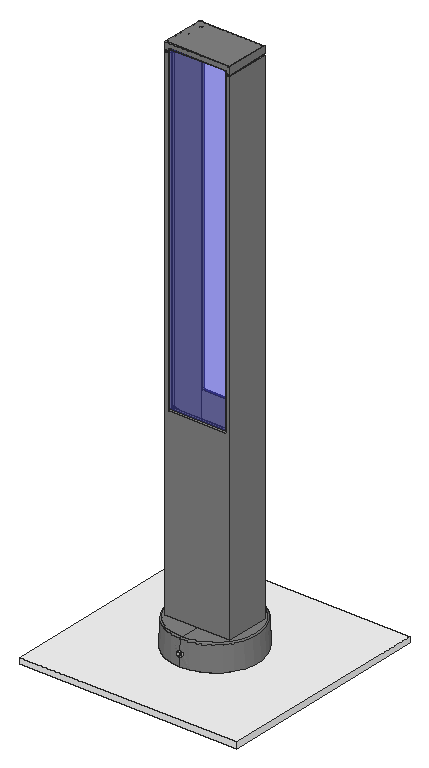
Revit family "BE_99330_de_DE", category Leuchten, Revit 2020
Family settings
  Basisbauteil = Fläche
  Bemaßung runder Anschluss = Durchmesser verwenden
  Teiletyp = Normal
  Beim Laden mit Abzugskörper schneiden = Ja
  Lichtquelle = Ja
  Gemeinsam genutzt = Nein
  Raumberechnungspunkt = Ja
Parameters (values of type "BEGA_99330_Grafit_K4")
  built-in parameter 1150104 = 12.089 (stored number, unit not read)
  Windangriffsfläche = ""
  Werkzeuglos = ""
  Wattage = 33.2 W
  Default Elevation = 0 mm
  built-in parameter 1150113 = 1 (stored number, unit not read)
  built-in parameter 1114218 = 1 (stored number, unit not read)
  Umgebungstemperatur = "25 °C"
  URL = "https://www.bega.com/de/produkt/99330"
  Typenkommentare = "© 2022 BEGA. Wir behalten uns das Recht vor, technische Änderungen ohne vorherige Ankündigung vorzunehmen."  # constant formula
  Type Image = 99330.png
  built-in parameter 1150134 = 12
  built-in parameter 1150109 = 1 (stored number, unit not read)
  Strom = ""
  built-in parameter 1150110 = 1 (stored number, unit not read)
  Spannung = 239.996 V
  Sonderanfertigung = no
  Seriennummer [instance] = "Hier können Sie die eindeutige Seriennummer für das Facility Management eintragen."
  Schutzklasse = "I"
  Schutzart = "IP 65"
  Scheinlast = 0 VA
  Produktdatenblatt = "https://cdn.bega.com/bega/products/99330K3/current/documents/data-sheets/de"
  Oberflächentemperatur = ""
  Neigungswinkel = 0.00°
  Modell = "99330K4"
  Material_17 = BEGA_Reflektor
  Material_15 = BEGA_Leuchtmedium_matt
  Material_11 = BEGA_Glas_opal
  Material_09 = BEGA_Glas_klar
  Material_06 = BEGA_Oberfläche_Edelstahl_gebürstet
  Material_02 = BEGA_Oberfläche_Silber_matt
  Material_01 [instance] = BEGA_Oberfläche_Grafit_matt
  M_W = no
  M_G = yes
  M_A = no
  Logo = 0
  built-in parameter 1114217 = 1 (stored number, unit not read)
  built-in parameter 1150139 = (empty or 0)
  built-in parameter 1150105 = 747.98 (stored number, unit not read)
  built-in parameter 1150114 = 1 (stored number, unit not read)
  Lumens = 4319.98 lm
  built-in parameter 1150115 = 1 (stored number, unit not read)
  Leuchtenlichtstrom = "1731 lm"
  Leuchtenanzahl = ""
  Lebensdauerkriterien = "L70B50 @ 25 °C = 160000 h"
  Lastklassifizierung = Beleuchtung
  built-in parameter 1150112 = 1 (stored number, unit not read)
  Lampenlichtstrom = "4480 lm"
  Lampe = "LED 22.8 W"
  LED_Modulbezeichnung = "4x LED-0380/840"
  built-in parameter 1150142 = (empty or 0)
  Hersteller = "BEGA"  # constant formula
  Halbstreuwinkel = ""
  Gewicht = "8.0 kg"
  Gebrauchslageneinschränkung [instance] = ""
  Frequenz = "0/50-60 Hz"
  Farbwiedergabeindex = "CRI > 80"
  Farbtemperaturverschiebung bei Dämpfen der Lampe = <Keine Auswahl>
  Farbtemperatur = "4000 K"
  Color Filter = 16777215
  Erdstücklänge_E = ""
  Erdstück [instance] = no
  built-in parameter 1150133 = 10 (stored number, unit not read)
  Energieeffizienzklasse = "LED A++ - A"
  Einstecktiefe = ""
  built-in parameter 1150137 = (empty or 0)
  built-in parameter 1150132 = (empty or 0)
  Einbau_in_Wärmedämmung = ""
  ENEC = "ja"
  Datei für fotometrisches Netz = "BE_99330K4.IES"
  CE_Konformität = "ja"
  Bestellnummer_Erdstück [instance] = if(Erdstück, "70895", "---")  # "---"
  Bestellnummer = "99330K4"
  Beschreibung_Sonderanfertigung = "Hier können Sie Informationen zur Sonderanfertigung eintragen."
  Beschreibung = "Gartenleuchte"
  built-in parameter 1150106 = 7.4798 (stored number, unit not read)
  Belastbarkeit [instance] = ""
  Befestigungsbohrung = ""
  Befestigungsabstand = ""
  Ballwurfsicher = ""
  BEGA_Intern_aus = yes
  BEGA_Intern_an = yes
  BEGA_Intern_Konstruktion = yes
  BEGA_Intern = yes
  BEGA_IES = yes
  BEGA_Dummy = no
  Anschlussleitung = ""
  Anschlussleistung [instance] = "27 W"
  built-in parameter 1150107 = 4000 (stored number, unit not read)
  built-in parameter 1150102 = (empty or 0)
  built-in parameter 1150138 = (empty or 0)
  Aktualisierung = "2022-05-20T04:00:08"
  AC/DC = "AC/DC"
Types (4, lengths in mm): name | built-in parameter 1150104 | built-in parameter 1150134 | Modell | M_G | M_A | built-in parameter 1150105 | Lumens | Leuchtenlichtstrom | Lampenlichtstrom | LED_Modulbezeichnung | Farbtemperatur | Datei für fotometrisches Netz | Bestellnummer | built-in parameter 1150106 | built-in parameter 1150107
  BEGA_99330_Grafit_K4 | 12.089 (stored number, unit not read) | 12 | "99330K4" | yes | no | 747.98 (stored number, unit not read) | 4319.98 lm | "1731 lm" | "4480 lm" | "4x LED-0380/840" | "4000 K" | "BE_99330K4.IES" | "99330K4" | 7.4798 (stored number, unit not read) | 4000 (stored number, unit not read)
  BEGA_99330_Grafit_K3 | 11.417 (stored number, unit not read) | (empty or 0) | "99330K3" | yes | no | 706.58 (stored number, unit not read) | 4079.95 lm | "1646 lm" | "4260 lm" | "4x LED-0380/830" | "3000 K" | "BE_99330K3.IES" | "99330K3" | 7.0658 (stored number, unit not read) | 3000 (stored number, unit not read)
  BEGA_99330_Silber_K3 | 11.417 (stored number, unit not read) | (empty or 0) | "99330AK3" | no | yes | 706.58 (stored number, unit not read) | 4079.95 lm | "1646 lm" | "4260 lm" | "4x LED-0380/830" | "3000 K" | "BE_99330K3.IES" | "99330AK3" | 7.0658 (stored number, unit not read) | 3000 (stored number, unit not read)
  BEGA_99330_Silber_K4 | 12.089 (stored number, unit not read) | 12 | "99330AK4" | no | yes | 747.98 (stored number, unit not read) | 4319.98 lm | "1731 lm" | "4480 lm" | "4x LED-0380/840" | "4000 K" | "BE_99330K4.IES" | "99330AK4" | 7.4798 (stored number, unit not read) | 4000 (stored number, unit not read)
Reference planes
  plane 1 "Mitte (Vorne/Hinten)": y = 0
  plane 2: z = 0
  plane 3 "Mitte (Links/Rechts)": x = 0
  plane 4 "Links": x = -81
  plane 5 "Rechts": x = 81
  plane 6 "Unten": y = -81
  plane 7 "Oben": y = 81
  plane 8 "Vorne": z = 1000.148
Forms (mm)
  Extrusion 1, solid, material "BEGA_Platte_Weiss"
    sketch origin (0, -1119.2, 0) x (1, 0, 0) y (0, 1, 0)
      loop
        line (-200, 1319.2) -> (-200, 919.2) -> (200, 919.2) -> (200, 1319.2) -> (-200, 1319.2)
    from 0 to -10
  Extrusion 2, solid, material "BEGA_Dummy_matt", visible <- "BEGA_Dummy"
    sketch origin (77.149, -76.023, 0) x (1, 0, 0) y (0, 1, 0)
      loop
        circle (-77.149, 76.023) r 81
    from 0 to 1000.148
Dimensions and locks
  plane 1 "Mitte (Vorne/Hinten)" to Extrusion 1 = 200 mm
  aligned and locked: plane 2 to Extrusion 1
  aligned and locked: level to Extrusion 1
Nested families
  nested 1: "BE_99330" at (0, 0, 0), type "BE_99330"
Connectors
  electrical at (0, 0, 0), driven by "Lastklassifizierung", driven by "Spannung", driven by "Scheinlast"
    settings: index 1, voltage 239.996 V, apparent load 0 VA, apparent load phase1 0 VA, apparent load phase2 0 VA, apparent load phase3 0 VA, power factor 1, load classification "Beleuchtung", number of poles 1, system type 31, power factor state 1, is connector primary yes, connector utility no, sub classification motor no, connector description ""
Definition of nested family "BE_99330"
  Parameters (values of type "BE_99330")
    Default Elevation = 1 mm
    URL = "http://www.bega.de/de/produkt"
    Type Comments = "© 2015 BEGA. Wir behalten uns das Recht vor, technische Änderungen ohne vorherige Ankündigung vorzunehmen. "  # constant formula
    Type Image = (empty or 0)
    Material_17 = none
    Material_15 = none
    Material_11 = none
    Material_09 = none
    Material_06 = none
    Material_03 = none
    Material_02 = none
    Material_01 = none
    M_W = yes
    M_G = yes
    M_A = yes
    Länge_Platte = 200 mm  # constant formula
    Höhe_Platte = -10 mm  # constant formula
    Manufacturer = "BEGA"  # constant formula
    Breite_Platte = 200 mm  # constant formula
  Reference planes
    plane 1 "Mitte (Oben/Unten)": y = 0
    plane 2: z = 0
    plane 3 "Mitte (Links/Rechts)": x = 0
    plane 4 "Hinten": z = 1000.148
    plane 5 "Links": x = -81
    plane 6 "Unten": y = -81
    plane 7: x = 81
    plane 8: y = 81
  Forms (mm)
    Extrusion 1, solid, detail levels medium
      sketch origin (0, 0, 0) x (1, 0, 0) y (0, 1, 0)
        loop
          line (-100, 100) -> (-100, -100) -> (100, -100) -> (100, 100) -> (-100, 100)
      from 0 to -10 <- "Höhe_Platte"
    Revolve 2, solid, material <- "Material_01", visible <- "M_G", detail levels medium+fine
      sketch origin (0, 0, 0) x (0, 1, 0) y (0, 0, 1)
        loop
          line (76, 0) -> (76, 5.5) -> (0, 5.5) -> (0, 0) -> (76, 0)
        axis (0, 0) -> (0, 5.5)
      angle from 0 to 360
    Revolve 3, solid, material <- "Material_01", visible <- "M_G", detail levels medium+fine
      sketch origin (0, 0, 0) x (0, 1, 0) y (0, 0, 1)
        loop
          arc (79.391, 48.215) -> (78.783, 49.585) -> (77.392, 50.148) r 2
          line (77.392, 50.148) -> (0, 50.148) -> (0, 42.148) -> (68.762, 42.148)
          arc (68.762, 42.148) -> (70.254, 41.646) -> (70.92, 40.221) r 2
          line (70.92, 40.221) -> (72.121, 5.835) -> (77.5, 5.648) -> (77.5, 2.148) -> (81, 2.148) -> (79.391, 48.215)
        axis (0, 50.148) -> (0, 2.148)
      angle from 0 to 360
    Sweep 4, solid, material <- "Material_01", visible <- "M_G", detail levels medium+fine
      path origin (0, 0, 0) x (1, 0, 0) y (0, 1, 0)
        loop
          line (60, 40) -> (-60, 40) -> (-60, -40) -> (60, -40) -> (60, 40)
      profile origin (0, 40, 0) x (0, -1, 0) y (0, 0, 1)
        loop
          line (0, 985.684) -> (2.449, 983.148) -> (6.9, 983.148) -> (7.532, 995.2)
          arc (7.532, 995.2) -> (7.842, 995.873) -> (8.53, 996.148) r 1
          line (8.53, 996.148) -> (17.785, 996.148) -> (17.785, 1000.148) -> (0.779, 1000.148)
          arc (0.779, 1000.148) -> (0.347, 1000.049) -> (0, 999.774) r 1
          line (0, 999.774) -> (0, 985.684)
    Extrusion 5, solid, material <- "Material_01", visible <- "M_G", detail levels medium+fine
      sketch origin (0, 0, 0) x (1, 0, 0) y (0, 1, 0)
        loop
          line (-42.215, 22.215) -> (-42.215, -22.215) -> (42.215, -22.215) -> (42.215, 22.215) -> (-42.215, 22.215)
      from 996.148 to 1000.148
    Sweep 6, solid, material <- "Material_01", visible <- "M_G", detail levels medium+fine
      path in 3D
        loop
          line (-60, 40, 999.774) -> (-60, -40, 999.774) -> (60, -40, 999.774) -> (60, 40, 999.774) -> (-60, 40, 999.774)
      profile origin (0, 40, 999.774) x (0, 0, 1) y (0, 1, 0)
        loop
          line (-949.627, 0) -> (-949.627, -6.8) -> (-16.627, -6.8) -> (-16.627, 0) -> (-949.627, 0)
    Sweep 7, void
      path origin (0, 0, 0) x (1, 0, 0) y (0, 0, 1)
        loop
          line (-53.711, 991.858) -> (-53.711, 389.437) -> (53.711, 389.437) -> (53.711, 991.858) -> (-53.711, 991.858)
      profile origin (0, 0, 991.858) x (0, 0, 1) y (0, -1, 0)
        loop
          line (0, 40) -> (-28.988, 40) -> (-28.988, 34.8) -> (-1.893, 34.8) -> (0, 40)
    Extrusion 8, solid, material <- "Material_11", detail levels medium+fine
      sketch origin (0, 0, 0) x (0, 1, 0) y (0, 0, 1)
        loop
          line (-39.8, 391.648) -> (-34.8, 391.648) -> (-34.8, 989.648) -> (-39.8, 989.648) -> (-39.8, 391.648)
      from -51.603 to 51.542
    Revolve 9, solid, material <- "Material_02", visible <- "M_A", detail levels medium+fine
      sketch origin (0, 0, 0) x (0, 1, 0) y (0, 0, 1)
        loop
          line (76, 0) -> (76, 5.5) -> (0, 5.5) -> (0, 0) -> (76, 0)
        axis (0, 0) -> (0, 5.5)
      angle from 0 to 360
    Revolve 10, solid, material <- "Material_02", visible <- "M_A", detail levels medium+fine
      sketch origin (0, 0, 0) x (0, 1, 0) y (0, 0, 1)
        loop
          arc (79.391, 48.215) -> (78.783, 49.585) -> (77.392, 50.148) r 2
          line (77.392, 50.148) -> (0, 50.148) -> (0, 42.148) -> (68.762, 42.148)
          arc (68.762, 42.148) -> (70.254, 41.646) -> (70.92, 40.221) r 2
          line (70.92, 40.221) -> (72.121, 5.835) -> (77.5, 5.648) -> (77.5, 2.148) -> (81, 2.148) -> (79.391, 48.215)
        axis (0, 50.148) -> (0, 2.148)
      angle from 0 to 360
    Sweep 11, solid, material <- "Material_02", visible <- "M_A", detail levels medium+fine
      path in 3D
        loop
          line (-60, 40, 999.774) -> (-60, -40, 999.774) -> (60, -40, 999.774) -> (60, 40, 999.774) -> (-60, 40, 999.774)
      profile origin (0, 40, 999.774) x (0, 0, 1) y (0, 1, 0)
        loop
          line (-949.627, 0) -> (-949.627, -6.8) -> (-16.627, -6.8) -> (-16.627, 0) -> (-949.627, 0)
    Sweep 12, solid, material <- "Material_02", visible <- "M_A", detail levels medium+fine
      path origin (0, 0, 0) x (1, 0, 0) y (0, 1, 0)
        loop
          line (60, 40) -> (-60, 40) -> (-60, -40) -> (60, -40) -> (60, 40)
      profile origin (0, 40, 0) x (0, -1, 0) y (0, 0, 1)
        loop
          line (0, 985.684) -> (2.449, 983.148) -> (6.9, 983.148) -> (7.532, 995.2)
          arc (7.532, 995.2) -> (7.842, 995.873) -> (8.53, 996.148) r 1
          line (8.53, 996.148) -> (17.785, 996.148) -> (17.785, 1000.148) -> (0.779, 1000.148)
          arc (0.779, 1000.148) -> (0.347, 1000.049) -> (0, 999.774) r 1
          line (0, 999.774) -> (0, 985.684)
    Extrusion 13, solid, material <- "Material_02", visible <- "M_A", detail levels medium+fine
      sketch origin (0, 0, 0) x (1, 0, 0) y (0, 1, 0)
        loop
          line (-42.215, 22.215) -> (-42.215, -22.215) -> (42.215, -22.215) -> (42.215, 22.215) -> (-42.215, 22.215)
      from 996.148 to 1000.148
    Revolve 14, void
      sketch origin (0, 0, 0) x (0, 1, 0) y (0, 0, 1)
        loop
          line (-80.443, 29.398) -> (-80.443, 24.148) -> (-71.081, 24.148) -> (-71.081, 29.398) -> (-80.443, 29.398)
        axis (-71.081, 24.148) -> (-80.443, 24.148)
      angle from 0 to 360
    Revolve 15, solid, material <- "Material_06", detail levels fine
      sketch origin (0, 0, 0) x (0, 1, 0) y (0, 0, 1)
        loop
          line (-71.912, 29.148) -> (-81.58, 29.148) -> (-82.5, 28.228) -> (-82.5, 24.148) -> (-71.912, 24.148) -> (-71.912, 29.148)
        axis (-71.912, 24.148) -> (-82.5, 24.148)
      angle from 0 to 360
    Extrusion 16, void
      sketch origin (0, 0, 0) x (1, 0, 0) y (0, 1, 0)
        loop
          arc (-10.618, -36.999) -> (-0.003, -38.492) -> (10.613, -37.001) r 38.5
          arc (10.613, -37.001) -> (13.012, -32.671) -> (8.683, -30.272) r 3.5
          arc (8.683, -30.272) -> (0, -31.492) -> (-8.682, -30.272) r 31.5
          arc (-8.682, -30.272) -> (-13.01, -32.669) -> (-10.618, -36.999) r 3.5
        loop
          arc (31.613, -32.728) -> (31.502, -39.083) -> (37.857, -39.194) r 4.495
          arc (37.857, -39.194) -> (47.194, -27.244) -> (52.876, -13.185) r 54.493
          arc (52.876, -13.185) -> (49.609, -7.728) -> (44.156, -11.001) r 4.495
          arc (44.156, -11.001) -> (39.411, -22.746) -> (31.613, -32.728) r 45.516
        loop
          arc (30.564, 7.629) -> (34.804, 5.079) -> (37.358, 9.317) r 3.5
          arc (37.358, 9.317) -> (33.341, 19.26) -> (26.738, 27.709) r 38.5
          arc (26.738, 27.709) -> (21.792, 27.613) -> (21.881, 22.667) r 3.5
          arc (21.881, 22.667) -> (27.279, 15.758) -> (30.564, 7.629) r 31.5
        loop
          arc (-21.882, 22.667) -> (-21.796, 27.616) -> (-26.745, 27.702) r 3.5
          arc (-26.745, 27.702) -> (-33.342, 19.257) -> (-37.357, 9.321) r 38.5
          arc (-37.357, 9.321) -> (-34.807, 5.079) -> (-30.565, 7.628) r 3.5
          arc (-30.565, 7.628) -> (-27.28, 15.757) -> (-21.882, 22.667) r 31.5
        loop
          arc (12.545, 43.753) -> (18.104, 46.834) -> (15.023, 52.394) r 4.495
          arc (15.023, 52.394) -> (-0.001, 54.506) -> (-15.024, 52.394) r 54.493
          arc (-15.024, 52.394) -> (-18.104, 46.835) -> (-12.544, 43.753) r 4.495
          arc (-12.544, 43.753) -> (-0.001, 45.516) -> (12.545, 43.753) r 45.516
        loop
          arc (-44.156, -11.002) -> (-49.605, -7.729) -> (-52.878, -13.177) r 4.495
          arc (-52.878, -13.177) -> (-47.198, -27.238) -> (-37.863, -39.189) r 54.493
          arc (-37.863, -39.189) -> (-31.504, -39.087) -> (-31.612, -32.728) r 4.495
          arc (-31.612, -32.728) -> (-39.411, -22.747) -> (-44.156, -11.002) r 45.516
        loop
          circle (0, 0.008) r 21.562
      from 0 to 14.688
    Sweep 17, void
      path origin (0, 0, 0) x (1, 0, 0) y (0, 0, -1)
        loop
          line (-53.711, -991.858) -> (53.711, -991.858) -> (53.711, -389.437) -> (-53.711, -389.437) -> (-53.711, -991.858)
      profile origin (0, 0, 991.858) x (0, 0, -1) y (0, 1, 0)
        loop
          line (0, 40) -> (1.893, 34.8) -> (28.988, 34.8) -> (28.988, 40) -> (0, 40)
    Extrusion 18, void
      sketch origin (0, 0, 0) x (1, 0, 0) y (0, 0, -1)
        loop
          line (45, -394.148) -> (-45, -394.148)
          arc (-45, -394.148) -> (-47.828, -395.319) -> (-49, -398.148) r 4
          line (-49, -398.148) -> (-49, -983.148)
          arc (-49, -983.148) -> (-47.828, -985.976) -> (-45, -987.148) r 4
          line (-45, -987.148) -> (45, -987.148)
          arc (45, -987.148) -> (47.828, -985.976) -> (49, -983.148) r 4
          line (49, -983.148) -> (49, -398.148)
          arc (49, -398.148) -> (47.828, -395.319) -> (45, -394.148) r 4
      from -43.155 to 40.526
    Extrusion 19, solid, material <- "Material_11", detail levels medium+fine
      sketch origin (0, 0, 0) x (0, -1, 0) y (0, 0, -1)
        loop
          line (-39.8, -391.648) -> (-39.8, -989.648) -> (-34.8, -989.648) -> (-34.8, -391.648) -> (-39.8, -391.648)
      from -51.603 to 51.542
  Cuts and joins
    Sweep 7, Sweep 17, Extrusion 18 cuts Sweep 4
    Sweep 7, Sweep 17, Extrusion 18 cuts Extrusion 5
    joined: Sweep 4, Extrusion 5
    Sweep 7, Extrusion 16, Sweep 17, Extrusion 18 cuts Sweep 6
    Sweep 7, Extrusion 16, Sweep 17, Extrusion 18 cuts Sweep 11
    Sweep 7, Sweep 17, Extrusion 18 cuts Sweep 12
    Sweep 17, Extrusion 18 cuts Extrusion 13
    joined: Sweep 12, Extrusion 13
    Revolve 14, Extrusion 16 cuts Revolve 3
    Revolve 14, Extrusion 16 cuts Revolve 10
    Extrusion 16 cuts Revolve 2
    Extrusion 16 cuts Revolve 9
    Sweep 17 cuts Extrusion 8
  Lines and regions (mm)
    sketch lines
      curve 1: line (60, 40, 999.774) -> (-60, 40, 999.774)
      curve 2: line (-60, 40, 999.774) -> (-60, -40, 999.774)
      curve 3: line (-60, -40, 999.774) -> (60, -40, 999.774)
      curve 4: line (60, -40, 999.774) -> (60, 40, 999.774)
      curve 5: line (60, 40, 999.774) -> (-60, 40, 999.774)
      curve 6: line (-60, 40, 999.774) -> (-60, -40, 999.774)
      curve 7: line (-60, -40, 999.774) -> (60, -40, 999.774)
      curve 8: line (60, -40, 999.774) -> (60, 40, 999.774)
  Dimensions and locks
    equal spacing: Extrusion 1 sketch curve, plane 3 "Mitte (Links/Rechts)", Extrusion 1 sketch curve
    equal spacing: Extrusion 1 sketch curve, plane 1 "Mitte (Oben/Unten)", Extrusion 1 sketch curve
    "Länge_Platte": Extrusion 1 sketch curve to Extrusion 1 sketch curve
    "Breite_Platte": Extrusion 1 sketch curve to Extrusion 1 sketch curve
    aligned and locked: Extrusion 1 to plane 2
    aligned and locked: level to Extrusion 1
  Automatic sketch dimensions
    Revolve 2 sketch curve to plane 1 "Mitte (Oben/Unten)" = 0 mm  (x2)
    Revolve 2 sketch curve to level = 0 mm
    plane 8 to Revolve 2 sketch curve = 5 mm
    Revolve 2 sketch curve to Revolve 2 sketch curve = 5.5 mm
    Revolve 2 sketch curve to level = 5.577 mm
    Revolve 2 sketch curve to Revolve 2 sketch curve = 10.745 mm
    Revolve 3 sketch curve to plane 1 "Mitte (Oben/Unten)" = 0 mm  (x2)
    Revolve 3 sketch curve to plane 8 = 0 mm
    plane 8 to Revolve 3 sketch curve = 12.238 mm
    Revolve 3 sketch curve to Revolve 3 sketch curve = 0.16 mm
    Revolve 3 sketch curve to Revolve 3 sketch curve = 1.999 mm
    plane 8 to Revolve 3 sketch curve = 8.879 mm
    plane 8 to Revolve 3 sketch curve = 3.608 mm
    plane 8 to Revolve 3 sketch curve = 3.5 mm
    plane 8 to Revolve 3 sketch curve = 1.609 mm
    level to Revolve 3 sketch curve = 2.148 mm
    Revolve 3 sketch curve to Revolve 3 sketch curve = 3.5 mm
    Revolve 3 sketch curve to Revolve 3 sketch curve = 0.188 mm
    Revolve 3 sketch curve to Revolve 3 sketch curve = 34.319 mm
    Revolve 3 sketch curve to Revolve 3 sketch curve = 0.067 mm  (x2)
    Revolve 3 sketch curve to Revolve 3 sketch curve = 7.927 mm
    Revolve 3 sketch curve to Revolve 3 sketch curve = 8 mm
    Revolve 3 sketch curve to Revolve 3 sketch curve = 0 mm  (x2)
    Revolve 3 sketch curve to level = 19.852 mm
    Revolve 3 sketch curve to Revolve 3 sketch curve = 25 mm
    plane 5 "Links" to Sweep 4 sketch curve = 21 mm
    plane 7 to Sweep 4 sketch curve = 21 mm
    plane 1 "Mitte (Oben/Unten)" to Sweep 4 sketch curve = 40 mm
    Sweep 4 sketch curve to plane 1 "Mitte (Oben/Unten)" = 40 mm
    Sweep 4 sketch curve to profile plane = 0 mm
    Sweep 4 sketch curve to profile plane = 0.779 mm
    Sweep 4 sketch curve to profile plane = 2.449 mm
    Sweep 4 sketch curve to Sweep 4 sketch curve = 4.451 mm
    Sweep 4 sketch curve to Sweep 4 sketch curve = 7.751 mm
    Sweep 4 sketch curve to Sweep 4 sketch curve = 9.254 mm
    level to Sweep 4 sketch curve = 983.148 mm
    Sweep 4 sketch curve to Sweep 4 sketch curve = 2.536 mm
    Sweep 4 sketch curve to Sweep 4 sketch curve = 12 mm
    Sweep 4 sketch curve to Sweep 4 sketch curve = 1 mm
    Sweep 4 sketch curve to Sweep 4 sketch curve = 3 mm
    Sweep 4 sketch curve to Sweep 4 sketch curve = 0.627 mm
    Sweep 4 sketch curve to Sweep 4 sketch curve = 0.999 mm
    Sweep 4 sketch curve to Sweep 4 sketch curve = 0 mm  (x2)
    plane 5 "Links" to Extrusion 5 sketch curve = 38.785 mm
    plane 7 to Extrusion 5 sketch curve = 38.785 mm
    plane 1 "Mitte (Oben/Unten)" to Extrusion 5 sketch curve = 22.215 mm
    Extrusion 5 sketch curve to plane 1 "Mitte (Oben/Unten)" = 22.215 mm
    Sweep 6 sketch curve to profile plane = 0 mm
    profile plane to Sweep 6 sketch curve = 949.627 mm
    Sweep 6 sketch curve to profile plane = 6.8 mm
    profile plane to Sweep 6 sketch curve = 16.627 mm
    Sweep 7 sketch curve to plane 4 "Hinten" = 8.289 mm
    plane 5 "Links" to Sweep 7 sketch curve = 27.289 mm
    plane 7 to Sweep 7 sketch curve = 27.289 mm
    level to Sweep 7 sketch curve = 389.437 mm
    profile plane to Sweep 7 sketch curve = 0 mm
    profile plane to Sweep 7 sketch curve = 1.893 mm
    Sweep 7 sketch curve to Sweep 7 sketch curve = 27.095 mm
    plane 1 "Mitte (Oben/Unten)" to Sweep 7 sketch curve = 34.8 mm
    Sweep 7 sketch curve to Sweep 7 sketch curve = 5.2 mm
    Extrusion 8 sketch curve to plane 4 "Hinten" = 10.5 mm
    plane 1 "Mitte (Oben/Unten)" to Extrusion 8 sketch curve = 39.8 mm
    Extrusion 8 sketch curve to Extrusion 8 sketch curve = 5 mm
    level to Extrusion 8 sketch curve = 391.648 mm
    Revolve 9 sketch curve to plane 1 "Mitte (Oben/Unten)" = 0 mm  (x2)
    Revolve 9 sketch curve to level = 0 mm
    plane 8 to Revolve 9 sketch curve = 5 mm
    Revolve 9 sketch curve to Revolve 9 sketch curve = 5.5 mm
    Revolve 9 sketch curve to level = 5.577 mm
    Revolve 9 sketch curve to Revolve 9 sketch curve = 10.745 mm
    Revolve 10 sketch curve to plane 1 "Mitte (Oben/Unten)" = 0 mm  (x2)
    Revolve 10 sketch curve to plane 8 = 0 mm
    plane 8 to Revolve 10 sketch curve = 12.238 mm
    Revolve 10 sketch curve to Revolve 10 sketch curve = 0.16 mm
    Revolve 10 sketch curve to Revolve 10 sketch curve = 1.999 mm
    plane 8 to Revolve 10 sketch curve = 8.879 mm
    plane 8 to Revolve 10 sketch curve = 3.608 mm
    plane 8 to Revolve 10 sketch curve = 3.5 mm
    plane 8 to Revolve 10 sketch curve = 1.609 mm
    level to Revolve 10 sketch curve = 2.148 mm
    Revolve 10 sketch curve to Revolve 10 sketch curve = 3.5 mm
    Revolve 10 sketch curve to Revolve 10 sketch curve = 0.188 mm
    Revolve 10 sketch curve to Revolve 10 sketch curve = 34.319 mm
    Revolve 10 sketch curve to Revolve 10 sketch curve = 0.067 mm  (x2)
    Revolve 10 sketch curve to Revolve 10 sketch curve = 7.927 mm
    Revolve 10 sketch curve to Revolve 10 sketch curve = 8 mm
    Revolve 10 sketch curve to Revolve 10 sketch curve = 0 mm  (x2)
    Revolve 10 sketch curve to level = 19.852 mm
    Revolve 10 sketch curve to Revolve 10 sketch curve = 25 mm
    Sweep 11 sketch curve to profile plane = 0 mm
    profile plane to Sweep 11 sketch curve = 949.627 mm
    Sweep 11 sketch curve to profile plane = 6.8 mm
    profile plane to Sweep 11 sketch curve = 16.627 mm
    plane 5 "Links" to Sweep 12 sketch curve = 21 mm
    plane 7 to Sweep 12 sketch curve = 21 mm
    plane 1 "Mitte (Oben/Unten)" to Sweep 12 sketch curve = 40 mm
    Sweep 12 sketch curve to plane 1 "Mitte (Oben/Unten)" = 40 mm
    Sweep 12 sketch curve to profile plane = 0 mm
    Sweep 12 sketch curve to profile plane = 0.779 mm
    Sweep 12 sketch curve to profile plane = 2.449 mm
    Sweep 12 sketch curve to Sweep 12 sketch curve = 4.451 mm
    Sweep 12 sketch curve to Sweep 12 sketch curve = 7.751 mm
    Sweep 12 sketch curve to Sweep 12 sketch curve = 9.254 mm
    level to Sweep 12 sketch curve = 983.148 mm
    Sweep 12 sketch curve to Sweep 12 sketch curve = 2.536 mm
    Sweep 12 sketch curve to Sweep 12 sketch curve = 12 mm
    Sweep 12 sketch curve to Sweep 12 sketch curve = 1 mm
    Sweep 12 sketch curve to Sweep 12 sketch curve = 3 mm
    Sweep 12 sketch curve to Sweep 12 sketch curve = 0.627 mm
    Sweep 12 sketch curve to Sweep 12 sketch curve = 0.999 mm
    Sweep 12 sketch curve to Sweep 12 sketch curve = 0 mm  (x2)
    plane 5 "Links" to Extrusion 13 sketch curve = 38.785 mm
    plane 7 to Extrusion 13 sketch curve = 38.785 mm
    plane 1 "Mitte (Oben/Unten)" to Extrusion 13 sketch curve = 22.215 mm
    Extrusion 13 sketch curve to plane 1 "Mitte (Oben/Unten)" = 22.215 mm
    plane 6 "Unten" to Revolve 14 sketch curve = 0.557 mm
    Revolve 14 sketch curve to Revolve 14 sketch curve = 9.363 mm
    level to Revolve 14 sketch curve = 24.148 mm
    Revolve 14 sketch curve to Revolve 14 sketch curve = 5.25 mm
    Revolve 14 sketch curve to plane 6 "Unten" = 3.119 mm
    Revolve 14 sketch curve to Revolve 14 sketch curve = 1.658 mm
    Revolve 14 sketch curve to Revolve 14 sketch curve = 0 mm
    Revolve 15 sketch curve to plane 6 "Unten" = 1.5 mm
    Revolve 15 sketch curve to plane 6 "Unten" = 0.58 mm
    plane 6 "Unten" to Revolve 15 sketch curve = 9.088 mm
    level to Revolve 15 sketch curve = 24.148 mm
    Revolve 15 sketch curve to Revolve 15 sketch curve = 4.08 mm
    Revolve 15 sketch curve to Revolve 15 sketch curve = 0.92 mm
    Revolve 15 sketch curve to Revolve 15 sketch curve = 0.974 mm
    Revolve 15 sketch curve to Revolve 15 sketch curve = 0 mm  (x2)
    plane 1 "Mitte (Oben/Unten)" to Extrusion 16 sketch curve = 0 mm
    Extrusion 16 sketch curve to plane 3 "Mitte (Links/Rechts)" = 0 mm  (x2)
    Extrusion 16 sketch curve to Extrusion 16 sketch curve = 0 mm  (x33)
    Extrusion 16 sketch curve to Extrusion 16 sketch curve = 0.001 mm  (x4)
    Extrusion 16 sketch curve to plane 3 "Mitte (Links/Rechts)" = 0.002 mm
    Extrusion 16 sketch curve to Extrusion 16 sketch curve = 0.003 mm
    Extrusion 16 sketch curve to Extrusion 16 sketch curve = 0.005 mm  (x2)
    Extrusion 16 sketch curve to plane 3 "Mitte (Links/Rechts)" = 9.646 mm
    Extrusion 16 sketch curve to plane 3 "Mitte (Links/Rechts)" = 13.783 mm
    Extrusion 16 sketch curve to plane 3 "Mitte (Links/Rechts)" = 24.314 mm
    Extrusion 16 sketch curve to plane 1 "Mitte (Oben/Unten)" = 8.475 mm
    Extrusion 16 sketch curve to Extrusion 16 sketch curve = 9.647 mm
    Extrusion 16 sketch curve to Extrusion 16 sketch curve = 25.088 mm  (x2)
    plane 1 "Mitte (Oben/Unten)" to Extrusion 16 sketch curve = 12.09 mm
    Extrusion 16 sketch curve to Extrusion 16 sketch curve = 14.557 mm  (x2)
    plane 3 "Mitte (Links/Rechts)" to Extrusion 16 sketch curve = 0 mm
    plane 3 "Mitte (Links/Rechts)" to Extrusion 16 sketch curve = 0.004 mm
    plane 3 "Mitte (Links/Rechts)" to Extrusion 16 sketch curve = 0.007 mm
    plane 3 "Mitte (Links/Rechts)" to Extrusion 16 sketch curve = 9.648 mm
    plane 3 "Mitte (Links/Rechts)" to Extrusion 16 sketch curve = 13.783 mm
    plane 3 "Mitte (Links/Rechts)" to Extrusion 16 sketch curve = 24.313 mm
    Extrusion 16 sketch curve to plane 1 "Mitte (Oben/Unten)" = 8.476 mm
    Extrusion 16 sketch curve to Extrusion 16 sketch curve = 9.648 mm
    plane 1 "Mitte (Oben/Unten)" to Extrusion 16 sketch curve = 33.636 mm
    Extrusion 16 sketch curve to Extrusion 16 sketch curve = 2.324 mm
    Extrusion 16 sketch curve to Extrusion 16 sketch curve = 2.325 mm
    plane 1 "Mitte (Oben/Unten)" to Extrusion 16 sketch curve = 12.088 mm
    Extrusion 16 sketch curve to plane 1 "Mitte (Oben/Unten)" = 0.005 mm
    Extrusion 16 sketch curve to plane 1 "Mitte (Oben/Unten)" = 0.006 mm
    Extrusion 16 sketch curve to Extrusion 16 sketch curve = 0.002 mm  (x3)
    Extrusion 16 sketch curve to Extrusion 16 sketch curve = 0.006 mm  (x2)
    Extrusion 16 sketch curve to Extrusion 16 sketch curve = 16.71 mm
    Extrusion 16 sketch curve to Extrusion 16 sketch curve = 16.709 mm
    Extrusion 16 sketch curve to Extrusion 16 sketch curve = 22.888 mm
    Extrusion 16 sketch curve to Extrusion 16 sketch curve = 22.889 mm
    Extrusion 16 sketch curve to Extrusion 16 sketch curve = 0.964 mm
    Extrusion 16 sketch curve to Extrusion 16 sketch curve = 0.972 mm
    Extrusion 16 sketch curve to Extrusion 16 sketch curve = 1.239 mm  (x3)
    Extrusion 16 sketch curve to Extrusion 16 sketch curve = 2.431 mm  (x3)
    Extrusion 16 sketch curve to Extrusion 16 sketch curve = 3.396 mm  (x3)
    Extrusion 16 sketch curve to Extrusion 16 sketch curve = 3.122 mm  (x3)
    Extrusion 16 sketch curve to Extrusion 16 sketch curve = 3.128 mm
    Extrusion 16 sketch curve to Extrusion 16 sketch curve = 4.361 mm  (x3)
    Extrusion 16 sketch curve to Extrusion 16 sketch curve = 0.966 mm
    Extrusion 16 sketch curve to Extrusion 16 sketch curve = 0.965 mm
    Extrusion 16 sketch curve to Extrusion 16 sketch curve = 1.24 mm
    Extrusion 16 sketch curve to Extrusion 16 sketch curve = 2.425 mm
    Extrusion 16 sketch curve to Extrusion 16 sketch curve = 3.397 mm
    Extrusion 16 sketch curve to Extrusion 16 sketch curve = 4.359 mm
    Extrusion 16 sketch curve to Extrusion 16 sketch curve = 1.087 mm
    Extrusion 16 sketch curve to Extrusion 16 sketch curve = 1.097 mm
    Extrusion 16 sketch curve to Extrusion 16 sketch curve = 3.365 mm
    Extrusion 16 sketch curve to Extrusion 16 sketch curve = 3.233 mm
    Extrusion 16 sketch curve to Extrusion 16 sketch curve = 0.847 mm  (x2)
    Extrusion 16 sketch curve to Extrusion 16 sketch curve = 4.32 mm
    Sweep 17 sketch curve to plane 4 "Hinten" = 8.289 mm
    plane 5 "Links" to Sweep 17 sketch curve = 27.289 mm
    plane 7 to Sweep 17 sketch curve = 27.289 mm
    level to Sweep 17 sketch curve = 389.437 mm
    Sweep 17 sketch curve to profile plane = 0 mm
    Sweep 17 sketch curve to profile plane = 1.893 mm
    Sweep 17 sketch curve to Sweep 17 sketch curve = 27.095 mm
    profile plane to Sweep 17 sketch curve = 34.8 mm
    Sweep 17 sketch curve to Sweep 17 sketch curve = 5.2 mm
    plane 5 "Links" to Extrusion 18 sketch curve = 32 mm
    Extrusion 18 sketch curve to Extrusion 18 sketch curve = 4 mm  (x3)
    Extrusion 18 sketch curve to plane 4 "Hinten" = 17 mm
    plane 7 to Extrusion 18 sketch curve = 36 mm  (x2)
    level to Extrusion 18 sketch curve = 398.148 mm
    plane 4 "Hinten" to Extrusion 19 sketch curve = 10.5 mm
    plane 1 "Mitte (Oben/Unten)" to Extrusion 19 sketch curve = 39.8 mm
    Extrusion 19 sketch curve to Extrusion 19 sketch curve = 5 mm
    Extrusion 19 sketch curve to level = 391.648 mm
    radius of Extrusion 16 sketch curve = 21.562 mm
